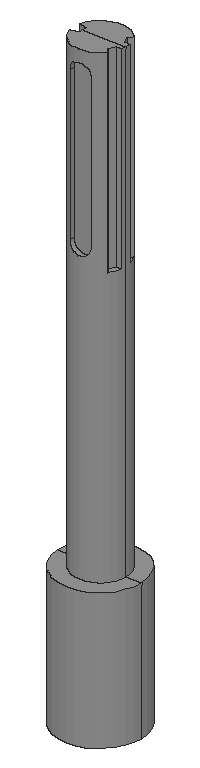
Revit family "Hammereinsatz Typ 2536 für Staberder ST, BP und OMEX", category Generic Models, Revit 2015
Parameters (values of type "2536 25")
  Width 2 = 9 mm
  Width 1 = 7.9 mm
  Width = 14.5 mm
  URL = "http://www.obo-bettermann.com"
  Material = Steel
  Manufacturer Art.No. = "3044831"
  Manufacturer = "OBO Bettermann"
  Height 2 = 52 mm
  Height 1 = 48.2 mm
  Height = 212 mm
  GTIN = "4012195642978"
  Article Type = "2536 25"
Types (3, lengths in mm): name | Width 1 | Manufacturer Art.No. | GTIN | Article Type
  (no name) | 7.9 | "3044831" | "4012195642978" | "2536 25"
  2536 20 | 6.9 | "3044904" | "4012195643036" | "2536 20"
  2536 25 | 7.9 | "3044831" | "4012195642978" | "2536 25"
Reference planes
  plane 1 "Center (Front/Back)": y = 0
  plane 2: z = 0
  plane 3 "Center (Left/Right)": x = 0
  plane 4: z = 144
  plane 5: z = 208
  plane 6: z = 148
  plane 7: y = 21.868
  plane 8: y = -21.868
  plane 9: z = 208.369
Forms (mm)
  Revolve 1, solid, material "Steel" <- "Material"
    sketch origin (0, 0, 0) x (1, 0, 0) y (0, 0, 1)
      loop
        line (0, 52) -> (7.9, 52) -> (7.9, 0) -> (14.5, 0) -> (14.5, 48.2) -> (9, 48.2) -> (9, 212) -> (0, 212) -> (0, 52)
      axis (0, 212) -> (0, 0)
    angle from 0 to 360
  Extrusion 2, void
    sketch origin (0, 0, 0) x (1, 0, 0) y (0, 1, 0)
      loop
        line (5.885, 4.021) -> (6.9, 1.844) -> (9.676, 1.602) -> (7.596, 6.465) -> (5.885, 4.021)
      loop
        line (6.852, -1.887) -> (5.859, -4.016) -> (7.528, -6.399) -> (10.26, -1.588) -> (6.852, -1.887)
      loop
        line (-6.015, 1.225) -> (-9.591, 2.527) -> (-9.462, -2.419) -> (-6.015, -1.165) -> (-6.015, 1.225)
    from 144 to 212
  Extrusion 3, void
    sketch origin (0, 0, 0) x (1, 0, 0) y (0, 0, 1)
      loop
        arc (-3.75, 151.744) -> (0, 147.994) -> (3.75, 151.744) r 3.75
        line (3.75, 151.744) -> (3.75, 204.255)
        arc (3.75, 204.255) -> (0, 208.005) -> (-3.75, 204.255) r 3.75
        line (-3.75, 204.255) -> (-3.75, 151.744)
    from -21.868 to 21.868
  Extrusion 4, solid, material "Steel" <- "Material"
    sketch origin (0, 0, 0) x (1, 0, 0) y (0, 1, 0)
      loop
        line (-3.75, 6.9) -> (-3.75, -6.9) -> (3.75, -6.9) -> (3.75, 6.9) -> (-3.75, 6.9)
    from 48.2 to 208.369
Cuts and joins
  Extrusion 2, Extrusion 3 cuts Revolve 1
Dimensions and locks
  "Width 1": Revolve 1 sketch curve to plane 3 "Center (Left/Right)"
  "Width": Revolve 1 sketch curve to plane 3 "Center (Left/Right)"
  "Width 2": Revolve 1 sketch curve to plane 3 "Center (Left/Right)"
  "Height 2": Revolve 1 sketch curve to Revolve 1 sketch curve
  "Height 1": Revolve 1 sketch curve to level
  "Height": Revolve 1 sketch curve to level
  locked: cut or joined group of Revolve 1, Extrusion 2, Extrusion 3 to plane 4 at 68
  locked: cut or joined group of Revolve 1, Extrusion 2, Extrusion 3 to plane 5 at 4
  locked: plane 5 to plane 6 at 60
  locked: Extrusion 3 sketch curve to Extrusion 3 sketch curve at 7.5
  equal spacing: Extrusion 3 sketch curve, plane 3 "Center (Left/Right)", Extrusion 3 sketch curve, locked at 3.75 each
  plane 7 to plane 8 = 43.737 mm
  equal spacing: plane 7, plane 1 "Center (Front/Back)", plane 8, locked at 21.868 each
  locked: Extrusion 4 sketch curve to Extrusion 4 sketch curve at 7.5
  equal spacing: Extrusion 4 sketch curve, plane 3 "Center (Left/Right)", Extrusion 4 sketch curve, locked at 3.75 each
  locked: Extrusion 4 sketch curve to Extrusion 4 sketch curve at 13.8
  equal spacing: Extrusion 4 sketch curve, plane 1 "Center (Front/Back)", Extrusion 4 sketch curve, locked at 6.9 each
  locked: cut or joined group of Revolve 1, Extrusion 2, Extrusion 3 to plane 9 at 3.631
  aligned and locked: level to plane 2
  aligned and locked: Revolve 1 sketch curve to plane 3 "Center (Left/Right)"
  aligned and locked: Revolve 1 sketch curve to level
  aligned and locked: Extrusion 2 to plane 4
  aligned and locked: Extrusion 2 to Revolve 1
  aligned and locked: plane 7 to Extrusion 3
  aligned and locked: Extrusion 3 to plane 8
  aligned and locked: Extrusion 4 to cut or joined group of Revolve 1, Extrusion 2, Extrusion 3
  aligned and locked: Extrusion 4 to plane 9
Automatic sketch dimensions
  plane 1 "Center (Front/Back)" to Extrusion 2 sketch curve = 2.419 mm
  Extrusion 2 sketch curve to plane 3 "Center (Left/Right)" = 9.462 mm
  Extrusion 2 sketch curve to plane 1 "Center (Front/Back)" = 2.527 mm
  Extrusion 2 sketch curve to Extrusion 2 sketch curve = 0.13 mm
  plane 3 "Center (Left/Right)" to Extrusion 2 sketch curve = 5.859 mm
  plane 3 "Center (Left/Right)" to Extrusion 2 sketch curve = 5.885 mm
  plane 1 "Center (Front/Back)" to Extrusion 2 sketch curve = 1.887 mm
  Extrusion 2 sketch curve to Extrusion 2 sketch curve = 0.993 mm
  Extrusion 2 sketch curve to plane 1 "Center (Front/Back)" = 1.844 mm
  Extrusion 2 sketch curve to Extrusion 2 sketch curve = 1.015 mm
  Extrusion 2 sketch curve to Extrusion 2 sketch curve = 1.669 mm
  Extrusion 2 sketch curve to Extrusion 2 sketch curve = 1.711 mm
  Extrusion 2 sketch curve to plane 1 "Center (Front/Back)" = 1.602 mm
  Extrusion 2 sketch curve to Extrusion 2 sketch curve = 2.776 mm
  plane 1 "Center (Front/Back)" to Extrusion 2 sketch curve = 1.588 mm
  Extrusion 2 sketch curve to Extrusion 2 sketch curve = 0.584 mm
  Extrusion 2 sketch curve to Extrusion 2 sketch curve = 2.129 mm
  Extrusion 2 sketch curve to Extrusion 2 sketch curve = 2.383 mm
  Extrusion 2 sketch curve to Extrusion 2 sketch curve = 2.177 mm
  Extrusion 2 sketch curve to Extrusion 2 sketch curve = 2.444 mm
  Extrusion 2 sketch curve to plane 1 "Center (Front/Back)" = 1.225 mm
  plane 1 "Center (Front/Back)" to Extrusion 2 sketch curve = 1.165 mm
  Extrusion 2 sketch curve to Extrusion 2 sketch curve = 3.447 mm
  plane 6 to Extrusion 3 sketch curve = 3.744 mm
  Extrusion 3 sketch curve to plane 5 = 3.745 mm
